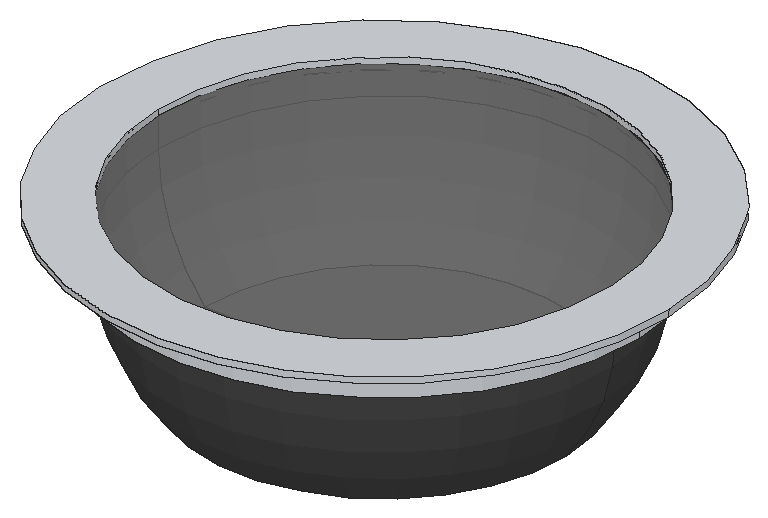
Revit family "3031809 Lighting Fixture_Sylvania_Syl-Lighter II_Ceiling Recessed", category Lighting Fixtures, host Face, Revit 2017
Family settings
  Host = Face
  Round Connector Dimension = Use Diameter
  Part Type = Normal
  OmniClass Number = 23.80.70.11.17
  OmniClass Title = Specialized Lighting by Location or Use
  Cut with Voids When Loaded = No
  Light Source = Yes
  Shared = No
  Room Calculation Point = No
Parameters (values of type "Syl-Lighter LED II 195 RO 15W NW")
  Weight = 0.45 kg
  Wattage = 15.001 W
  built-in parameter 1150110 = 1 (stored number, unit not read)
  Voltage Comments = "UNV (Universal Voltage; 220-240 Volt)"  # constant formula
  Voltage = 240 V  # constant formula
  URL = "http://www.sylvania-lighting.com"
  built-in parameter 1114217 = 1 (stored number, unit not read)
  Tilt Angle = -90.00°  # constant formula
  built-in parameter 1150109 = 1 (stored number, unit not read)
  built-in parameter 1150134 = 12
  Ta Rating = "-10°C to +40°C"  # constant formula
  built-in parameter 1150113 = 1 (stored number, unit not read)
  Recessed Depth = Height  # 55.0 mm
  IP Rating = "IP44"  # constant formula
  IK Rating = "IK07"  # constant formula
  Energy Class = "A++, A+, A"  # constant formula
  Dimmable = "DALI"  # constant formula
  Catalog Number = "3031809 Syl-Lighter LED II 195 RO 15W NW"
  Body Material = Metal_Sylvania_Syl-Lighter LED II_Silver
  Product Page URL = "http://www.sylvania-lighting.com/product/en-int/products/3031809"
  Product Family = "SYL-LIGHTER LED II"  # constant formula
  Photometry Comments = ""
  Photometric Web File = "3031809_Syl-Lighter195LED15WNW-182043.ies"
  built-in parameter 1150105 = 830.94 (stored number, unit not read)
  Lumens = 1480 lm
  built-in parameter 1150115 = 1 (stored number, unit not read)
  built-in parameter 1150137 = (empty or 0)
  built-in parameter 1150139 = (empty or 0)
  Life = "50 000h"  # constant formula
  built-in parameter 1150112 = 1 (stored number, unit not read)
  built-in parameter 1150114 = 1 (stored number, unit not read)
  Lamp Comments = "Integrated LED"
  built-in parameter 1150132 = 2
  built-in parameter 1150102 = (empty or 0)
  built-in parameter 1150107 = 4000 (stored number, unit not read)
  built-in parameter 1150138 = (empty or 0)
  built-in parameter 1150106 = 8.3094 (stored number, unit not read)
  Glow Wire Test = 650 °C  # constant formula
  Emit from Circle Diameter = Diffuser Diameter  # 155.0 mm
  Emit Shape Visible in Rendering = no
  built-in parameter 1150104 = 9.1658 (stored number, unit not read)
  Drive Current = "300mA"
  Dimming Lamp Color Temperature Shift = <None>
  Diffuser Radius = Diffuser Diameter / 2  # 77.5 mm
  Diffuser Diameter = Diameter - 20.0 mm  # 155.0 mm
  Inner Diameter = Diameter - 4.0 mm  # 171.0 mm
  Cutout Diameter = Diameter  # 175.0 mm
  Color Filter = 16777215
  Beam Angle = 74.00°
  built-in parameter 1114218 = 1 (stored number, unit not read)
  built-in parameter 1150133 = 10 (stored number, unit not read)
  Height = 55.0 mm
  Electrical Protection = "CLASS II"  # constant formula
  built-in parameter 1114216 [instance] = 1 (stored number, unit not read)
  Model = "Syl-Lighter LED II 195 RO 15W NW"
  Manufacturer = "Feilo Sylvania"  # constant formula
  Lamp = "LED"
  Diffuser Material = Polycarbonate_Sylvania_Syl-Lighter LED II_Opal
  Description = "Syl-Lighter LED II is available in 4 different round body sizes: 165mm, 195mm, 220mm & 240mm Syl-Lighter LED II 165 12W delivers a 1,134 lumen output (4,000K) - perfect for 1x26W CFL replacement Syl-Lighter LED II 195 15W delivers a 1,480 lumen output (4,000K) - perfect for 1x32W/2x18W CFL replacement Syl-Lighter LED II 220 21W delivers a 1,989 lumen output (4,000K) - perfect for 1x42W CFL replacement Syl-Lighter LED II 240 25W delivers a 2,289 lumen output (4,000K)- perfect for 2x26W CFL replacement High efficacy up to 99lm/W (Syl-Lighter LED II 195 4,000K) IP44 rating allows for installation in applicable wet zone areas Choice of 3,000K (warm white) or 4,000K (neutral white) Shallow recess depth of <65mm Can replace existing large CFL downlights using a 225mm ceiling cut out (Syl-Lighter LED II 240) Energy efficient electronic gear including analogue 1-10V and DALI dimmable options IK07 polycarbonate diffuser allows for a wider light distribution than a reflector downlight, allowing for increased spacings between luminaires 3 hour emergency pack available (to be ordered in addition to the luminaire) Ideal for applications such as corridors, public WCs and back of house areas Quick and easy to install Loop in-Loop out facility with red push fit terminal block for quick wiring White bezel (RAL 9003) Energy Class: A++, A+, A Long lifetime: 50,000 hours life at L70 (L80: 30,000 hours, L90: 15,000 hours)"  # constant formula
  Default Elevation = 0.0 mm
  built-in parameter 1140040 [instance] = 1
  Assembly Code = "D5020200"
  Apparent Load Comments = ""
  Apparent Load = 15 VA
  Accessory Radius = Accessory Diameter / 2  # 97.5 mm
  Accessory Material = Aluminum_Sylvania_Syl-Lighter LED II_White_RAL 9003
  Diameter = 175.0 mm
  Accessory Diameter = 195.0 mm
Reference planes
  plane 1 "Center (Front/Back)": y = 0
  plane 2: z = 0
  plane 3 "Center (Left/Right)": x = 0
  plane 4 "Fixture Bottom": z = 2
  plane 5: z = -10
  plane 6 "Fixture Top": z = -55
  plane 7: z = -2
Forms (mm)
  Extrusion 1, void
    sketch origin (0, 0, 58) x (-1, 0, 0) y (0, -1, 0)
      loop
        circle (0, 0) r 87.5
    from -171 to -55
  Extrusion 2, solid, detail levels fine
    sketch origin (0, 0, 58) x (-1, 0, 0) y (0, -1, 0)
      loop
        circle (0, 0) r 87.5
      loop
        circle (0, 0) r 85.5
    from -68 to -58
  Extrusion 3, solid, detail levels fine
    sketch origin (0, 0, 58) x (-1, 0, 0) y (0, -1, 0)
      loop
        circle (0, 0) r 97.5
      loop
        circle (0, 0) r 77.5
    from -58 to -56
  Extrusion 4, solid, material "Polycarbonate_Sylvania_Syl-Lighter LED II_Opal" <- "Diffuser Material", detail levels fine
    sketch origin (0, 0, 58) x (-1, 0, 0) y (0, -1, 0)
      loop
        circle (0, 0) r 77.5
    from -60 to -58
  Revolve 5, solid, material "Metal_Sylvania_Syl-Lighter LED II_Silver" <- "Body Material", detail levels fine
    sketch origin (0, 0, 0) x (1, 0, 0) y (0, 0, 1)
      loop
        line (-77.5, 0) -> (-79.5, 0) -> (-79.5, -10)
        arc (-79.5, -10) -> (-75.108, -34.052) -> (-62.5, -55) r 68.059
        line (-62.5, -55) -> (0, -55) -> (0, -53) -> (-61.589, -53)
        arc (-61.589, -53) -> (-73.395, -32.925) -> (-77.5, -10) r 66.059
        line (-77.5, -10) -> (-77.5, 0)
      axis (0, -55) -> (0, 0)
    angle from 0 to 360
  Revolve 6, solid, material "Aluminum_Sylvania_Syl-Lighter LED II_White_RAL 9003" <- "Accessory Material", detail levels coarse+medium
    sketch origin (0, 0, 0) x (1, 0, 0) y (0, 0, 1)
      loop
        line (-97.5, 2) -> (-97.5, 0) -> (-90, 0) -> (-90, -10) -> (-82, -10)
        arc (-82, -10) -> (-77.608, -34.052) -> (-65, -55) r 68.059
        line (-65, -55) -> (0, -55) -> (0, 2) -> (-97.5, 2)
      axis (0, 2) -> (0, -55)
    angle from 0 to 360
Cuts and joins
  joined: Extrusion 2, Extrusion 3
Lines and regions (mm)
  Masking region 1
    outline origin (0, 0, 58) x (-1, 0, 0) y (0, -1, 0)
      loop
        circle (0, 0) r 97.5
  symbolic lines, detail levels fine
    curve 1: arc (-77.5, 0, 58) -> (0, 77.5, 58) -> (77.5, 0, 58) r 77.5
    curve 2: arc (77.5, 0, 58) -> (0, -77.5, 58) -> (-77.5, 0, 58) r 77.5
Dimensions and locks
  locked: plane 4 "Fixture Bottom" to plane 2 at 2
  locked: plane 2 to plane 5 at 10
  "Height": plane 2 to plane 6 "Fixture Top"
  locked: plane 2 to plane 7 at 2
  "Diffuser Radius": plane 3 "Center (Left/Right)" to Revolve 5 sketch curve
  locked: Revolve 5 sketch curve to Revolve 5 sketch curve at 2
  locked: Revolve 5 sketch curve to Revolve 5 sketch curve at 15
  "Accessory Radius": plane 3 "Center (Left/Right)" to Revolve 6 sketch curve
  Revolve 6 sketch curve to Revolve 6 sketch curve to Revolve 6 sketch curve to Revolve 6 sketch curve = 7.5 mm locked, 8.0 mm locked, 17.0 mm locked
  "Cutout Diameter": diameter of Extrusion 1 sketch curve
  "Diameter": diameter of Extrusion 2 sketch curve
  "Inner Diameter": diameter of Extrusion 2 sketch curve
  "Accessory Diameter": diameter of Extrusion 3 sketch curve
  "Diffuser Diameter": diameter of Extrusion 3 sketch curve
  "Diffuser Diameter": diameter of Extrusion 4 sketch curve
  "Accessory Diameter": diameter of Masking region 1 sketch curve
  aligned and locked: host face to plane 2
  aligned and locked: host face to level
  aligned and locked: plane 4 "Fixture Bottom" to Extrusion 3
  aligned and locked: Extrusion 3 to plane 2
  aligned and locked: Extrusion 2 to plane 5
  aligned and locked: plane 2 to Extrusion 2
  aligned and locked: Extrusion 4 to plane 7
  aligned and locked: plane 2 to Extrusion 4
  aligned and locked: Revolve 5 sketch curve to plane 2
  aligned and locked: plane 5 to Revolve 5 sketch curve  (x2)
  aligned and locked: Revolve 5 sketch curve to plane 3 "Center (Left/Right)"
  aligned and locked: plane 3 "Center (Left/Right)" to Revolve 5 sketch curve
  aligned and locked: Revolve 6 sketch curve to plane 5
  aligned and locked: Revolve 6 sketch curve to plane 2
  aligned and locked: Revolve 6 sketch curve to plane 4 "Fixture Bottom"
  aligned and locked: plane 3 "Center (Left/Right)" to Revolve 6 sketch curve
  aligned and locked: Revolve 6 sketch curve to plane 3 "Center (Left/Right)"
  aligned and locked: plane 3 "Center (Left/Right)" to imposter light
  aligned and locked: imposter light to plane 1 "Center (Front/Back)"
  aligned and locked: imposter light to plane 4 "Fixture Bottom"
  aligned and locked: curve 1 to cut or joined group of Extrusion 2, Extrusion 3
Automatic sketch dimensions
  host sketch curve to host sketch curve = 700.0 mm
  host sketch curve to host sketch curve = 620.0 mm
  plane 1 "Center (Front/Back)" to Extrusion 1 sketch curve = 0.0 mm
  Extrusion 1 sketch curve to plane 3 "Center (Left/Right)" = 0.0 mm
  Extrusion 2 sketch curve to Extrusion 2 sketch curve = 0.0 mm  (x2)
  plane 1 "Center (Front/Back)" to Extrusion 2 sketch curve = 0.0 mm
  Extrusion 2 sketch curve to plane 3 "Center (Left/Right)" = 0.0 mm
  Extrusion 3 sketch curve to Extrusion 3 sketch curve = 0.0 mm  (x2)
  plane 1 "Center (Front/Back)" to Extrusion 3 sketch curve = 0.0 mm
  Extrusion 3 sketch curve to plane 3 "Center (Left/Right)" = 0.0 mm
  plane 1 "Center (Front/Back)" to Extrusion 4 sketch curve = 0.0 mm
  Extrusion 4 sketch curve to plane 3 "Center (Left/Right)" = 0.0 mm
  Revolve 5 sketch curve to Revolve 5 sketch curve = 0.0 mm
  Revolve 5 sketch curve to plane 6 "Fixture Top" = 0.0 mm
  plane 6 "Fixture Top" to Revolve 5 sketch curve = 2.0 mm
  Revolve 5 sketch curve to Revolve 5 sketch curve = 17.111 mm
  plane 4 "Fixture Bottom" to Revolve 5 sketch curve = 20.889 mm
  Revolve 6 sketch curve to plane 6 "Fixture Top" = 0.0 mm
  Revolve 6 sketch curve to plane 6 "Fixture Top" = 63.885 mm
  Revolve 6 sketch curve to Revolve 6 sketch curve = 84.115 mm
  plane 1 "Center (Front/Back)" to Masking region 1 sketch curve = 0.0 mm
  Masking region 1 sketch curve to plane 3 "Center (Left/Right)" = 0.0 mm
Connectors
  electrical at (0, 0, -55), driven by "Apparent Load", driven by "Voltage"
    settings: on Revolve 5, index 1, voltage 240 V, apparent load 0 VA, apparent load phase1 15 VA, apparent load phase2 0 VA, apparent load phase3 0 VA, power factor 1, load classification "Lighting", number of poles 1, system type 31, power factor state 1, is connector primary yes, connector utility no, sub classification motor no, connector description ""
